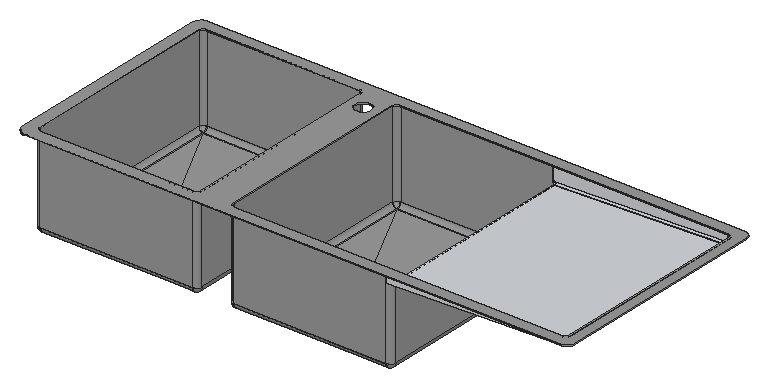
Revit family "Alma-SNA0022R-Theo-RHS-1200-Stainless-Steel", category Plumbing Fixtures, host Face, Revit 2022
Family settings
  Host = Face
  Round Connector Dimension = Use Diameter
  Part Type = Normal
  Cut with Voids When Loaded = No
  Maintain Annotation Orientation = No
  Shared = No
  Room Calculation Point = No
Parameters (values of type "Theo RHS 1200 Stainless Steel")
  Width 2 = 350.0 mm
  Width 1 = 350.0 mm
  Undermount [instance] = 20.0 mm
  URL = "https://www.buildmat.com.au/products/theo-1200x500-double-bowl-tap-landing-with-right-drain-board-sink"
  Sound Pad 2 = yes
  Sound Pad 1 = yes
  Model = "SNA0022R"  # constant formula
  Manufacturer = "BUILDMAT"  # constant formula
  Length = 450.0 mm
  Gap = 70.0 mm
  Drainboard Length = 380.0 mm
  Drain Sound Pad 2 = yes
  Drain Sound Pad 1 = yes
  Description = "Theo 1200x500 Double Bowl with Tap Landing & RHS Drain Board Sink"  # constant formula
  Depth = 205.0 mm
  Default Elevation = 1200.0 mm
  D. S. Pad 2 = 175.0 mm
  D. S. Pad 1 = 200.0 mm
  D. Bracket 4 = 50.0 mm
  D. Bracket 3 = 50.0 mm
  D. Bracket 2 = 50.0 mm
  D. Bracket 1 = 100.0 mm
  Created = "22.12.2023"  # constant formula
  Brand = "Alma"  # constant formula
  Bracket 4 = yes
  Bracket 3 = yes
  Bracket 2 = yes
  Bracket 1 = yes
  Bowl = ALMA Stainless Steel
Reference planes
  plane 1 "Center (Front/Back)": y = 0
  plane 2: z = 0
  plane 3 "Center (Left/Right)": x = 0
  plane 4: x = -35
  plane 5: x = 35
  plane 6: x = -385
  plane 7: x = 385
  plane 8: y = -225
  plane 9: y = 225
  plane 10: x = -410
  plane 11: y = -250
  plane 12: y = 250
  plane 13: x = 210
  plane 14: x = -210
  plane 15: y = 215
  plane 16: y = -215
  plane 17: x = -375
  plane 18: x = -45
  plane 19: x = 45
  plane 20: x = 375
  plane 21: y = 226.5
  plane 22: y = -226.5
  plane 23: x = -386.5
  plane 24: x = -33.5
  plane 25: x = 33.5
  plane 26: x = 386.5
  plane 27: x = -267
  plane 28: x = -153
  plane 29: x = -165
  plane 30: x = -255
  plane 31: x = 153
  plane 32: x = 165
  plane 33: x = 255
  plane 34: x = 267
  plane 35 "Sound Pad 1": x = -185
  plane 36 "Sound Pad 2": x = 210
  plane 37 "Top Substrate": z = -20
  plane 38: z = -18.5
  plane 39 "Bottom Void": z = -225
  plane 40: z = -215
  plane 41: z = -205
  plane 42: z = -220
  plane 43: z = -221.481
  plane 44: z = -216.5
  plane 45 "Sound Pad": z = -125
  plane 46 "Bracket 1": x = -285
  plane 47 "Bracket 2": x = -85
  plane 48 "Bracket 3": x = 85
  plane 49 "Bracket 4": x = 335
  plane 50: y = 125
  plane 51: y = -125
  plane 52: x = -310
  plane 53: x = -110
  plane 54: x = 110
  plane 55: x = 310
  plane 56: z = -185
  plane 57: z = -165
  plane 58 "Drainboard": x = 765
  plane 59: x = 790
  plane 60: x = 766.5
  plane 61: x = 755
  plane 62: z = -35
  plane 63: z = -50
  plane 64: x = 665
  plane 65: y = 180
  plane 66: x = -17.5
  plane 67: x = 17.5
  plane 68: y = 197.5
  plane 69: y = 162.5
Forms (mm)
  Extrusion 1, void
    sketch origin (0, 0, 0) x (1, 0, 0) y (0, 1, 0)
      loop
        arc (-375, 225) -> (-382.071, 222.071) -> (-385, 215) r 10
        line (-385, 215) -> (-385, -215)
        arc (-385, -215) -> (-382.071, -222.071) -> (-375, -225) r 10
        line (-375, -225) -> (755, -225)
        arc (755, -225) -> (762.071, -222.071) -> (765, -215) r 10
        line (765, -215) -> (765, 215)
        arc (765, 215) -> (762.071, 222.071) -> (755, 225) r 10
        line (755, 225) -> (-375, 225)
    from 0 to -18.5
  Extrusion 2, void
    sketch origin (0, 0, 0) x (1, 0, 0) y (0, 1, 0)
      loop
        arc (-390, 250) -> (-404.142, 244.142) -> (-410, 230) r 20
        line (-410, 230) -> (-410, -230)
        arc (-410, -230) -> (-404.142, -244.142) -> (-390, -250) r 20
        line (-390, -250) -> (770, -250)
        arc (770, -250) -> (784.142, -244.142) -> (790, -230) r 20
        line (790, -230) -> (790, 230)
        arc (790, 230) -> (784.142, 244.142) -> (770, 250) r 20
        line (770, 250) -> (-390, 250)
    from -20 to -18.5
  Extrusion 3, void
    sketch origin (0, 0, 0) x (1, 0, 0) y (0, 1, 0)
      loop
        line (-386.5, 226.5) -> (-386.5, -226.5) -> (766.5, -226.5) -> (766.5, 226.5) -> (-386.5, 226.5)
    from -225 to -20
  Extrusion 4, solid, material "ALMA Stainless Steel" <- "Bowl"
    sketch origin (0, 0, -20) x (-1, 0, 0) y (0, -1, 0)
      loop
        arc (390, -250) -> (404.142, -244.142) -> (410, -230) r 20
        line (410, -230) -> (410, 230)
        arc (410, 230) -> (404.142, 244.142) -> (390, 250) r 20
        line (390, 250) -> (-770, 250)
        arc (-770, 250) -> (-784.142, 244.142) -> (-790, 230) r 20
        line (-790, 230) -> (-790, -230)
        arc (-790, -230) -> (-784.142, -244.142) -> (-770, -250) r 20
        line (-770, -250) -> (390, -250)
      loop
        arc (375, -225) -> (382.071, -222.071) -> (385, -215) r 10
        line (385, -215) -> (385, 215)
        arc (385, 215) -> (382.071, 222.071) -> (375, 225) r 10
        line (375, 225) -> (45, 225)
        arc (45, 225) -> (37.929, 222.071) -> (35, 215) r 10
        line (35, 215) -> (35, -215)
        arc (35, -215) -> (37.929, -222.071) -> (45, -225) r 10
        line (45, -225) -> (375, -225)
      loop
        line (-35, -215) -> (-35, 215)
        arc (-35, 215) -> (-37.929, 222.071) -> (-45, 225) r 10
        line (-45, 225) -> (-755, 225)
        arc (-755, 225) -> (-762.071, 222.071) -> (-765, 215) r 10
        line (-765, 215) -> (-765, -215)
        arc (-765, -215) -> (-762.071, -222.071) -> (-755, -225) r 10
        line (-755, -225) -> (-45, -225)
        arc (-45, -225) -> (-37.929, -222.071) -> (-35, -215) r 10
      loop
        circle (0, -180) r 17.5
    from 0 to 1.5
  Extrusion 5, solid, material "ALMA Stainless Steel" <- "Bowl"
    sketch origin (0, 0, -20) x (-1, 0, 0) y (0, -1, 0)
      loop
        arc (375, -225) -> (382.071, -222.071) -> (385, -215) r 10
        line (385, -215) -> (385, 215)
        arc (385, 215) -> (382.071, 222.071) -> (375, 225) r 10
        line (375, 225) -> (45, 225)
        arc (45, 225) -> (37.929, 222.071) -> (35, 215) r 10
        line (35, 215) -> (35, -215)
        arc (35, -215) -> (37.929, -222.071) -> (45, -225) r 10
        line (45, -225) -> (375, -225)
      loop
        arc (375, -226.5) -> (383.132, -223.132) -> (386.5, -215) r 11.5
        line (386.5, -215) -> (386.5, 215)
        arc (386.5, 215) -> (383.132, 223.132) -> (375, 226.5) r 11.5
        line (375, 226.5) -> (45, 226.5)
        arc (45, 226.5) -> (36.868, 223.132) -> (33.5, 215) r 11.5
        line (33.5, 215) -> (33.5, -215)
        arc (33.5, -215) -> (36.868, -223.132) -> (45, -226.5) r 11.5
        line (45, -226.5) -> (375, -226.5)
    from 0 to -185
  Extrusion 6, solid, material "ALMA Stainless Steel" <- "Bowl"
    sketch origin (0, 0, -20) x (-1, 0, 0) y (0, -1, 0)
      loop
        arc (-45, -225) -> (-37.929, -222.071) -> (-35, -215) r 10
        line (-35, -215) -> (-35, 215)
        arc (-35, 215) -> (-37.929, 222.071) -> (-45, 225) r 10
        line (-45, 225) -> (-375, 225)
        arc (-375, 225) -> (-382.071, 222.071) -> (-385, 215) r 10
        line (-385, 215) -> (-385, -215)
        arc (-385, -215) -> (-382.071, -222.071) -> (-375, -225) r 10
        line (-375, -225) -> (-45, -225)
      loop
        line (-33.5, -215) -> (-33.5, 215)
        arc (-33.5, 215) -> (-36.868, 223.132) -> (-45, 226.5) r 11.5
        line (-45, 226.5) -> (-375, 226.5)
        arc (-375, 226.5) -> (-383.132, 223.132) -> (-386.5, 215) r 11.5
        line (-386.5, 215) -> (-386.5, -215)
        arc (-386.5, -215) -> (-383.132, -223.132) -> (-375, -226.5) r 11.5
        line (-375, -226.5) -> (-45, -226.5)
        arc (-45, -226.5) -> (-36.868, -223.132) -> (-33.5, -215) r 11.5
    from 0 to -185
  Extrusion 7, solid, material "ALMA Stainless Steel" <- "Bowl"
    sketch origin (0, 0, 0) x (1, 0, 0) y (0, 0, 1)
      loop
        line (-385, -205) -> (-386.5, -205)
        arc (-386.5, -205) -> (-383.132, -213.132) -> (-375, -216.5) r 11.5
        line (-375, -216.5) -> (-375, -215)
        arc (-375, -215) -> (-382.071, -212.071) -> (-385, -205) r 10
    from -215 to 215
  Extrusion 8, solid, material "ALMA Stainless Steel" <- "Bowl"
    sketch origin (0, 0, 0) x (1, 0, 0) y (0, 0, 1)
      loop
        arc (-35, -205) -> (-37.929, -212.071) -> (-45, -215) r 10
        line (-45, -215) -> (-45, -216.5)
        arc (-45, -216.5) -> (-36.868, -213.132) -> (-33.5, -205) r 11.5
        line (-33.5, -205) -> (-35, -205)
    from -215 to 215
  Extrusion 9, solid, material "ALMA Stainless Steel" <- "Bowl"
    sketch origin (0, 0, 0) x (1, 0, 0) y (0, 0, 1)
      loop
        line (35, -205) -> (33.5, -205)
        arc (33.5, -205) -> (36.868, -213.132) -> (45, -216.5) r 11.5
        line (45, -216.5) -> (45, -215)
        arc (45, -215) -> (37.929, -212.071) -> (35, -205) r 10
    from -215 to 215
  Extrusion 10, solid, material "ALMA Stainless Steel" <- "Bowl"
    sketch origin (0, 0, 0) x (1, 0, 0) y (0, 0, 1)
      loop
        arc (385, -205) -> (382.071, -212.071) -> (375, -215) r 10
        line (375, -215) -> (375, -216.5)
        arc (375, -216.5) -> (383.132, -213.132) -> (386.5, -205) r 11.5
        line (386.5, -205) -> (385, -205)
    from -215 to 215
  Extrusion 11, solid, material "ALMA Stainless Steel" <- "Bowl"
    sketch origin (0, 0, 0) x (0, 1, 0) y (0, 0, 1)
      loop
        line (226.5, -205) -> (225, -205)
        arc (225, -205) -> (222.071, -212.071) -> (215, -215) r 10
        line (215, -215) -> (215, -216.5)
        arc (215, -216.5) -> (223.132, -213.132) -> (226.5, -205) r 11.5
    from 45 to 375
  Extrusion 12, solid, material "ALMA Stainless Steel" <- "Bowl"
    sketch origin (0, 0, 0) x (0, 1, 0) y (0, 0, 1)
      loop
        line (-225, -205) -> (-226.5, -205)
        arc (-226.5, -205) -> (-223.132, -213.132) -> (-215, -216.5) r 11.5
        line (-215, -216.5) -> (-215, -215)
        arc (-215, -215) -> (-222.071, -212.071) -> (-225, -205) r 10
    from 45 to 375
  Extrusion 13, solid, material "ALMA Stainless Steel" <- "Bowl"
    sketch origin (0, 0, 0) x (0, 1, 0) y (0, 0, 1)
      loop
        arc (225, -205) -> (222.071, -212.071) -> (215, -215) r 10
        line (215, -215) -> (215, -216.5)
        arc (215, -216.5) -> (223.132, -213.132) -> (226.5, -205) r 11.5
        line (226.5, -205) -> (225, -205)
    from -375 to -45
  Extrusion 14, solid, material "ALMA Stainless Steel" <- "Bowl"
    sketch origin (0, 0, 0) x (0, 1, 0) y (0, 0, 1)
      loop
        line (-225, -205) -> (-226.5, -205)
        arc (-226.5, -205) -> (-223.132, -213.132) -> (-215, -216.5) r 11.5
        line (-215, -216.5) -> (-215, -215)
        arc (-215, -215) -> (-222.071, -212.071) -> (-225, -205) r 10
    from -375 to -45
  Revolve 15, solid, material "ALMA Stainless Steel" <- "Bowl"
    sketch origin (-423.435, 215, 4000) x (-1, 0, 0) y (0, 0, 1)
      loop
        arc (-38.435, -4205) -> (-41.364, -4212.071) -> (-48.435, -4215) r 10
        line (-48.435, -4215) -> (-48.435, -4216.5)
        arc (-48.435, -4216.5) -> (-40.304, -4213.132) -> (-36.935, -4205) r 11.5
        line (-36.935, -4205) -> (-38.435, -4205)
      axis (-48.435, -4205) -> (-48.435, -4216.5)
    angle from -90 to 0
  Revolve 16, solid, material "ALMA Stainless Steel" <- "Bowl"
    sketch origin (-423.435, 215, 4000) x (-1, 0, 0) y (0, 0, 1)
      loop
        line (-388.435, -4205) -> (-389.935, -4205)
        arc (-389.935, -4205) -> (-386.567, -4213.132) -> (-378.435, -4216.5) r 11.5
        line (-378.435, -4216.5) -> (-378.435, -4215)
        arc (-378.435, -4215) -> (-385.506, -4212.071) -> (-388.435, -4205) r 10
      axis (-378.435, -4205) -> (-378.435, -4216.5)
    angle from -90 to 0
  Revolve 17, solid, material "ALMA Stainless Steel" <- "Bowl"
    sketch origin (-423.435, 215, 4000) x (-1, 0, 0) y (0, 0, 1)
      loop
        arc (-458.435, -4205) -> (-461.364, -4212.071) -> (-468.435, -4215) r 10
        line (-468.435, -4215) -> (-468.435, -4216.5)
        arc (-468.435, -4216.5) -> (-460.304, -4213.132) -> (-456.935, -4205) r 11.5
        line (-456.935, -4205) -> (-458.435, -4205)
      axis (-468.435, -4205) -> (-468.435, -4216.5)
    angle from -90 to 0
  Revolve 18, solid, material "ALMA Stainless Steel" <- "Bowl"
    sketch origin (-423.435, 215, 4000) x (-1, 0, 0) y (0, 0, 1)
      loop
        line (-808.435, -4205) -> (-809.935, -4205)
        arc (-809.935, -4205) -> (-806.567, -4213.132) -> (-798.435, -4216.5) r 11.5
        line (-798.435, -4216.5) -> (-798.435, -4215)
        arc (-798.435, -4215) -> (-805.506, -4212.071) -> (-808.435, -4205) r 10
      axis (-798.435, -4205) -> (-798.435, -4216.5)
    angle from -90 to 0
  Revolve 19, solid, material "ALMA Stainless Steel" <- "Bowl"
    sketch origin (-423.435, -215, 4000) x (-1, 0, 0) y (0, 0, 1)
      loop
        arc (-38.435, -4205) -> (-41.364, -4212.071) -> (-48.435, -4215) r 10
        line (-48.435, -4215) -> (-48.435, -4216.5)
        arc (-48.435, -4216.5) -> (-40.304, -4213.132) -> (-36.935, -4205) r 11.5
        line (-36.935, -4205) -> (-38.435, -4205)
      axis (-48.435, -4205) -> (-48.435, -4216.5)
    angle from 0 to 90
  Revolve 20, solid, material "ALMA Stainless Steel" <- "Bowl"
    sketch origin (-423.435, -215, 4000) x (-1, 0, 0) y (0, 0, 1)
      loop
        arc (-389.935, -4205) -> (-386.567, -4213.132) -> (-378.435, -4216.5) r 11.5
        line (-378.435, -4216.5) -> (-378.435, -4215)
        arc (-378.435, -4215) -> (-385.506, -4212.071) -> (-388.435, -4205) r 10
        line (-388.435, -4205) -> (-389.935, -4205)
      axis (-378.435, -4205) -> (-378.435, -4216.5)
    angle from 0 to 90
  Revolve 21, solid, material "ALMA Stainless Steel" <- "Bowl"
    sketch origin (-423.435, -215, 4000) x (-1, 0, 0) y (0, 0, 1)
      loop
        line (-456.935, -4205) -> (-458.435, -4205)
        arc (-458.435, -4205) -> (-461.364, -4212.071) -> (-468.435, -4215) r 10
        line (-468.435, -4215) -> (-468.435, -4216.5)
        arc (-468.435, -4216.5) -> (-460.304, -4213.132) -> (-456.935, -4205) r 11.5
      axis (-468.435, -4205) -> (-468.435, -4216.5)
    angle from 0 to 90
  Revolve 22, solid, material "ALMA Stainless Steel" <- "Bowl"
    sketch origin (-423.435, -215, 4000) x (-1, 0, 0) y (0, 0, 1)
      loop
        arc (-809.935, -4205) -> (-806.567, -4213.132) -> (-798.435, -4216.5) r 11.5
        line (-798.435, -4216.5) -> (-798.435, -4215)
        arc (-798.435, -4215) -> (-805.506, -4212.071) -> (-808.435, -4205) r 10
        line (-808.435, -4205) -> (-809.935, -4205)
      axis (-798.435, -4205) -> (-798.435, -4216.5)
    angle from 0 to 90
  Extrusion 23, solid, material "ALMA Stainless Steel" <- "Bowl"
    sketch origin (0, 0, -20) x (-1, 0, 0) y (0, -1, 0)
      loop
        line (45, -215) -> (375, -215) -> (375, 215) -> (45, 215) -> (45, -215)
    from -196.5 to -195
  Extrusion 24, solid, material "ALMA Stainless Steel" <- "Bowl"
    sketch origin (0, 0, -20) x (-1, 0, 0) y (0, -1, 0)
      loop
        line (-45, -215) -> (-45, 215) -> (-375, 215) -> (-375, -215) -> (-45, -215)
    from -196.5 to -195
  Blend 25, solid, material "ALMA Stainless Steel" <- "Bowl"
    base sketch origin (0, 0, -20) x (-1, 0, 0) y (0, -1, 0)
      loop
        circle (210, 0) r 57
    top sketch origin (0, 0, -20) x (-1, 0, 0) y (0, -1, 0)
      loop
        line (375, -215) -> (375, 215) -> (45, 215) -> (45, -215) -> (375, -215)
    from -201.481 to -196.5
  Blend 26, solid, material "ALMA Stainless Steel" <- "Bowl"
    base sketch origin (0, 0, -20) x (-1, 0, 0) y (0, -1, 0)
      loop
        circle (-210, 0) r 57
    top sketch origin (0, 0, -20) x (-1, 0, 0) y (0, -1, 0)
      loop
        line (-45, -215) -> (-45, 215) -> (-375, 215) -> (-375, -215) -> (-45, -215)
    from -201.481 to -196.5
  Blend 27, void
    base sketch origin (0, 0, -20) x (-1, 0, 0) y (0, -1, 0)
      loop
        circle (210, 0) r 57
    top sketch origin (0, 0, -20) x (-1, 0, 0) y (0, -1, 0)
      loop
        line (375, -215) -> (375, 215) -> (45, 215) -> (45, -215) -> (375, -215)
    from -200 to -195
  Blend 28, void
    base sketch origin (0, 0, -20) x (-1, 0, 0) y (0, -1, 0)
      loop
        circle (-210, 0) r 57
    top sketch origin (0, 0, -20) x (-1, 0, 0) y (0, -1, 0)
      loop
        line (-45, -215) -> (-45, 215) -> (-375, 215) -> (-375, -215) -> (-45, -215)
    from -200 to -195
  Extrusion 29, void
    sketch origin (0, 0, -225) x (-1, 0, 0) y (0, -1, 0)
      loop
        circle (210, 0) r 57
    from 0 to 5
  Extrusion 30, void
    sketch origin (0, 0, -225) x (-1, 0, 0) y (0, -1, 0)
      loop
        circle (-210, 0) r 57
    from 0 to 5
  Revolve 31, solid, material "ALMA Stainless Steel" <- "Bowl"
    sketch origin (0, 0, 0) x (1, 0, 0) y (0, 0, 1)
      loop
        spline (-267, -220) -> (-266.897, -220.653) -> (-266.591, -221.294) -> (-266.087, -221.913) -> (-265.392, -222.5) -> (-264.52, -223.044) -> (-263.485, -223.536) -> (-262.305, -223.967) -> (-261, -224.33) -> (-259.592, -224.619) -> (-258.106, -224.83) -> (-256.566, -224.957) -> (-255, -225)
        line (-255, -225) -> (-255, -223.5)
        spline (-255, -223.5) -> (-256.371, -223.47) -> (-257.718, -223.381) -> (-259.018, -223.234) -> (-260.25, -223.031) -> (-261.392, -222.777) -> (-262.425, -222.475) -> (-263.33, -222.131) -> (-264.093, -221.75) -> (-264.701, -221.339) -> (-265.142, -220.906) -> (-265.41, -220.457) -> (-265.5, -220)
        line (-265.5, -220) -> (-267, -220)
      axis (-210, -225) -> (-210, -220)
    angle from 0 to 360
  Revolve 32, solid, material "ALMA Stainless Steel" <- "Bowl"
    sketch origin (0, 0, 0) x (1, 0, 0) y (0, 0, 1)
      loop
        line (267, -220) -> (265.5, -220)
        spline (265.5, -220) -> (265.41, -220.457) -> (265.142, -220.906) -> (264.701, -221.339) -> (264.093, -221.75) -> (263.33, -222.131) -> (262.425, -222.475) -> (261.392, -222.777) -> (260.25, -223.031) -> (259.018, -223.234) -> (257.718, -223.381) -> (256.371, -223.47) -> (255, -223.5)
        line (255, -223.5) -> (255, -225)
        spline (255, -225) -> (256.566, -224.957) -> (258.106, -224.83) -> (259.592, -224.619) -> (261, -224.33) -> (262.305, -223.967) -> (263.485, -223.536) -> (264.52, -223.044) -> (265.392, -222.5) -> (266.087, -221.913) -> (266.591, -221.294) -> (266.897, -220.653) -> (267, -220)
      axis (210, -220) -> (210, -225)
    angle from 0 to 360
  Extrusion 33, solid
    sketch origin (0, 0, 0) x (1, 0, 0) y (0, 0, 1)
      loop
        line (375, -50) -> (766.5, -35) -> (766.5, -20) -> (765, -20) -> (765, -33.561) -> (375, -48.499) -> (375, -50)
    from -215 to 215
  Revolve 34, solid
    sketch origin (-423.435, 215, 4000) x (-1, 0, 0) y (0, 0, 1)
      loop
        line (-1189.935, -4035) -> (-1178.435, -4035.441) -> (-1178.435, -4033.944) -> (-1188.435, -4033.561) -> (-1188.435, -4020) -> (-1189.935, -4020) -> (-1189.935, -4035)
      axis (-1178.435, -4035.441) -> (-1178.435, -4020)
    angle from -90 to 0
  Revolve 35, solid
    sketch origin (-423.435, -215, 4000) x (-1, 0, 0) y (0, 0, 1)
      loop
        line (-1189.935, -4035) -> (-1178.435, -4035.441) -> (-1178.435, -4033.944) -> (-1188.435, -4033.561) -> (-1188.435, -4020) -> (-1189.935, -4020) -> (-1189.935, -4035)
      axis (-1178.435, -4035.441) -> (-1178.435, -4020)
    angle from 0 to 90
  SweptBlend 36, solid
    path origin (0, 0, -20) x (-1, 0, 0) y (0, -1, 0)
      loop
        line (-375, -225) -> (-755, -225)
    profile origin (375, 225, -20) x (0, 1, 0) y (0, 0, 1)
      loop
        line (0, -28.084) -> (-10, -28.499) -> (-10, -30) -> (1.5, -29.523) -> (1.5, 0) -> (0, 0) -> (0, -28.084)
    end profile origin (755, 225, -20) x (0, 1, 0) y (0, 0, 1)
      loop
        line (0, -13.561) -> (-10, -13.976) -> (-10, -15.477) -> (1.5, -15) -> (1.5, 0) -> (0, 0) -> (0, -13.561)
  Extrusion 37, void
    sketch origin (0, 0, -20) x (-1, 0, 0) y (0, -1, 0)
      loop
        arc (-385, -215) -> (-382.071, -222.071) -> (-375, -225) r 10
        line (-375, -225) -> (-375, 225)
        arc (-375, 225) -> (-382.071, 222.071) -> (-385, 215) r 10
        line (-385, 215) -> (-385, -215)
    from -30 to 0
  SweptBlend 38, solid
    path origin (0, 0, -20) x (-1, 0, 0) y (0, -1, 0)
      loop
        line (-375, 215) -> (-755, 215)
    profile origin (375, -215, -20) x (0, 1, 0) y (0, 0, 1)
      loop
        line (-11.5, -29.523) -> (0, -30) -> (0, -28.499) -> (-10, -28.084) -> (-10, 0) -> (-11.5, 0) -> (-11.5, -29.523)
    end profile origin (755, -215, -20) x (0, 1, 0) y (0, 0, 1)
      loop
        line (0, -15.477) -> (0, -13.976) -> (-10, -13.561) -> (-10, 0) -> (-11.5, 0) -> (-11.5, -15) -> (0, -15.477)
  SweptBlend 39, void
    path origin (0, 0, -20) x (-1, 0, 0) y (0, -1, 0)
      loop
        line (-375, 0) -> (-755, 0)
    profile origin (375, 0, -20) x (0, 1, 0) y (0, 0, 1)
      loop
        line (-215, -30) -> (215, -30) -> (226.5, -29.523) -> (226.5, 0) -> (-226.5, 0) -> (-226.5, -29.523) -> (-215, -30)
    end profile origin (755, 0, -20) x (0, 1, 0) y (0, 0, 1)
      loop
        line (226.5, 0) -> (-226.5, 0) -> (-226.5, -15) -> (226.5, -15) -> (226.5, 0)
Cuts and joins
  Blend 27, Extrusion 29 cuts Extrusion 23
  Blend 27, Extrusion 29 cuts Blend 25
  joined: Extrusion 23, Blend 25
  Blend 28, Extrusion 30 cuts Extrusion 24
  Blend 28, Extrusion 30 cuts Blend 26
  joined: Extrusion 24, Blend 26
  Extrusion 37 cuts Extrusion 33
  Extrusion 37 cuts SweptBlend 36
  Extrusion 37 cuts SweptBlend 38
  SweptBlend 39 cuts Extrusion 4
  SweptBlend 39 cuts Extrusion 6
  SweptBlend 39 cuts Revolve 34
  SweptBlend 39 cuts Revolve 35
Lines and regions (mm)
  Masking region 1
    outline origin (0, 0, 0) x (1, 0, 0) y (0, 0, 1)
      loop
        line (-385, -20) -> (-385, -205)
        arc (-385, -205) -> (-382.071, -212.071) -> (-375, -215) r 10
        line (-375, -215) -> (-267, -220) -> (-153, -220) -> (-45, -215)
        arc (-45, -215) -> (-37.929, -212.071) -> (-35, -205) r 10
        line (-35, -205) -> (-35, -20) -> (-385, -20)
  Masking region 2
    outline origin (0, 0, 0) x (1, 0, 0) y (0, 0, 1)
      loop
        line (35, -20) -> (35, -205)
        arc (35, -205) -> (37.609, -211.736) -> (44.076, -214.957) r 10
        line (44.076, -214.957) -> (153, -220) -> (267, -220) -> (375, -215)
        arc (375, -215) -> (382.071, -212.071) -> (385, -205) r 10
        line (385, -205) -> (385, -20) -> (35, -20)
  Masking region 3, visible <- "Drain Sound Pad 1"
    outline origin (0, 0, 0) x (1, 0, 0) y (0, 0, 1)
      loop
        line (-267, -221.481) -> (-310, -219.498) -> (-310, -225) -> (-267, -225) -> (-267, -221.481)
  Masking region 4, visible <- "Drain Sound Pad 1"
    outline origin (0, 0, 0) x (1, 0, 0) y (0, 0, 1)
      loop
        line (-153, -221.481) -> (-153, -225) -> (-110, -225) -> (-110, -219.498) -> (-153, -221.481)
  Masking region 5, visible <- "Drain Sound Pad 2"
    outline origin (0, 0, 0) x (1, 0, 0) y (0, 0, 1)
      loop
        line (110, -219.498) -> (110, -225) -> (153, -225) -> (153, -221.481) -> (110, -219.498)
  Masking region 6, visible <- "Drain Sound Pad 2"
    outline origin (0, 0, 0) x (1, 0, 0) y (0, 0, 1)
      loop
        line (310, -219.498) -> (267, -221.481) -> (267, -225) -> (310, -225) -> (310, -219.498)
  Masking region 7
    outline origin (0, 0, 0) x (1, 0, 0) y (0, 0, 1)
      loop
        line (-33.5, -165) -> (-33.5, -185) -> (33.5, -185) -> (33.5, -165) -> (-33.5, -165)
  Masking region 8
    outline origin (-423.435, -215, 4000) x (-1, 0, 0) y (0, 0, 1)
      loop
        line (-1200.935, -4020) -> (-1202.435, -4020) -> (-1202.435, -4035) -> (-1200.935, -4035) -> (-1200.935, -4020)
  Masking region 9
    outline origin (-423.435, -215, 4000) x (-1, 0, 0) y (0, 0, 1)
      loop
        line (-809.935, -4097.929) -> (-809.935, -4055.503) -> (-816.174, -4049.264) -> (-860.437, -4047.427) -> (-809.935, -4097.929)
  Masking region 10
    outline origin (0, 0, -20) x (-1, 0, 0) y (0, -1, 0)
      loop
        arc (-375, -225) -> (-382.071, -222.071) -> (-385, -215) r 10
        line (-385, -215) -> (-385, 215)
        arc (-385, 215) -> (-382.071, 222.071) -> (-375, 225) r 10
        line (-375, 225) -> (-755, 225)
        arc (-755, 225) -> (-762.071, 222.071) -> (-765, 215) r 10
        line (-765, 215) -> (-765, -215)
        arc (-765, -215) -> (-762.071, -222.071) -> (-755, -225) r 10
        line (-755, -225) -> (-375, -225)
Text (mm)
  text "Refer to www.buildmat.com.au for the most current product literature. \nAllow a +/- 5mm tolerance for dimensions shown in the product literature. \nPlease note product details are subject to change due to ongoing product development." at (0.056, -1035.857, 0), in view "Ref. Level"
Dimensions and locks
  equal spacing: plane 4, plane 3 "Center (Left/Right)", plane 5
  "Gap": plane 4 to plane 5
  "Width 1": plane 6 to plane 4
  "Width 2": plane 5 to plane 7
  equal spacing: plane 9, plane 1 "Center (Front/Back)", plane 8
  "Length": plane 8 to plane 9
  locked: plane 10 to plane 6 at 25
  locked: plane 12 to plane 9 at 25
  locked: plane 8 to plane 11 at 25
  equal spacing: plane 5, plane 13, plane 7
  equal spacing: plane 6, plane 14, plane 4
  locked: plane 9 to plane 15 at 10
  locked: plane 16 to plane 8 at 10
  locked: plane 6 to plane 17 at 10
  locked: plane 18 to plane 4 at 10
  locked: plane 5 to plane 19 at 10
  locked: plane 20 to plane 7 at 10
  locked: plane 8 to plane 22 at 1.5
  locked: plane 21 to plane 9 at 1.5
  locked: plane 23 to plane 6 at 1.5
  locked: plane 4 to plane 24 at 1.5
  locked: plane 25 to plane 5 at 1.5
  locked: plane 7 to plane 26 at 1.5
  plane 27 to plane 14 to plane 28 = 57.0 mm locked, 57.0 mm locked
  plane 30 to plane 14 to plane 29 = 45.0 mm locked, 45.0 mm locked
  plane 31 to plane 13 to plane 34 = 57.0 mm locked, 57.0 mm locked
  plane 32 to plane 13 to plane 33 = 45.0 mm locked, 45.0 mm locked
  locked: plane 38 to plane 37 "Top Substrate" at 1.5
  plane 41 to plane 40 to plane 39 "Bottom Void" = 10.0 mm locked, 10.0 mm locked
  locked: plane 42 to plane 39 "Bottom Void" at 5
  locked: plane 42 to plane 43 at 1.481
  locked: plane 40 to plane 44 at 1.5
  locked: plane 45 "Sound Pad" to plane 39 "Bottom Void" at 100
  "Depth": plane 37 "Top Substrate" to plane 39 "Bottom Void"
  "Undermount": plane 2 to plane 37 "Top Substrate"
  "D. S. Pad 1": plane 35 "Sound Pad 1" to plane 6
  "D. S. Pad 2": plane 7 to plane 36 "Sound Pad 2"
  "D. Bracket 1": plane 46 "Bracket 1" to plane 6
  "D. Bracket 2": plane 4 to plane 47 "Bracket 2"
  "D. Bracket 3": plane 48 "Bracket 3" to plane 5
  "D. Bracket 4": plane 7 to plane 49 "Bracket 4"
  locked: plane 9 to plane 50 at 100
  locked: plane 51 to plane 8 at 100
  plane 53 to plane 14 to plane 52 = 100.0 mm locked, 100.0 mm locked
  plane 55 to plane 13 to plane 54 = 100.0 mm locked, 100.0 mm locked
  plane 57 to plane 56 to plane 41 = 20.0 mm locked, 20.0 mm locked
  "Drainboard Length": plane 7 to plane 58 "Drainboard"
  locked: plane 58 "Drainboard" to plane 59 at 25
  locked: plane 58 "Drainboard" to plane 60 at 1.5
  locked: plane 61 to plane 58 "Drainboard" at 10
  plane 37 "Top Substrate" to plane 62 to plane 63 = 15.0 mm locked, 15.0 mm locked
  locked: plane 64 to plane 58 "Drainboard" at 100
  plane 12 to plane 65 = 70.0 mm
  equal spacing: plane 68, plane 65, plane 69
  plane 68 to plane 69 = 35.0 mm
  equal spacing: plane 66, plane 3 "Center (Left/Right)", plane 67
  plane 66 to plane 67 = 35.0 mm
  aligned and locked: plane 2 to host face
  aligned and locked: level to host face
  aligned and locked: Extrusion 1 sketch curve to plane 9
  aligned and locked: Extrusion 1 sketch curve to plane 6
  aligned and locked: Extrusion 1 sketch curve to plane 8
  aligned and locked: Extrusion 1 to level
  aligned and locked: Extrusion 1 to plane 38
  aligned and locked: Extrusion 2 sketch curve to plane 12
  aligned and locked: Extrusion 2 sketch curve to plane 10
  aligned and locked: Extrusion 2 sketch curve to plane 11
  aligned and locked: Extrusion 2 to plane 37 "Top Substrate"
  aligned and locked: Extrusion 2 to plane 38
  aligned and locked: Extrusion 3 sketch curve to plane 21
  aligned and locked: Extrusion 3 sketch curve to plane 23
  aligned and locked: Extrusion 3 sketch curve to plane 22
  aligned and locked: Extrusion 3 to plane 39 "Bottom Void"
  aligned and locked: Extrusion 3 to plane 37 "Top Substrate"
  aligned and locked: Extrusion 4 sketch curve to plane 12
  aligned and locked: Extrusion 4 sketch curve to plane 10
  aligned and locked: Extrusion 4 sketch curve to plane 11
  aligned and locked: Extrusion 4 sketch curve to plane 9  (x2)
  aligned and locked: Extrusion 4 sketch curve to plane 6
  aligned and locked: Extrusion 4 sketch curve to plane 8  (x2)
  aligned and locked: Extrusion 4 sketch curve to plane 4
  aligned and locked: Extrusion 4 sketch curve to plane 5
  aligned and locked: Extrusion 4 to plane 37 "Top Substrate"
  aligned and locked: Extrusion 4 to plane 38
  aligned and locked: Extrusion 5 sketch curve to plane 9
  aligned and locked: Extrusion 5 sketch curve to plane 21
  aligned and locked: Extrusion 5 sketch curve to plane 6
  aligned and locked: Extrusion 5 sketch curve to plane 23
  aligned and locked: Extrusion 5 sketch curve to plane 24
  aligned and locked: Extrusion 5 sketch curve to plane 4
  aligned and locked: Extrusion 5 sketch curve to plane 22
  aligned and locked: Extrusion 5 sketch curve to plane 8
  aligned and locked: Extrusion 5 to plane 41
  aligned and locked: plane 37 "Top Substrate" to Extrusion 5
  aligned and locked: Extrusion 6 sketch curve to plane 9
  aligned and locked: Extrusion 6 sketch curve to plane 7
  aligned and locked: Extrusion 6 sketch curve to plane 8
  aligned and locked: Extrusion 6 sketch curve to plane 5
  aligned and locked: Extrusion 6 sketch curve to plane 25
  aligned and locked: Extrusion 6 sketch curve to plane 26
  aligned and locked: Extrusion 6 sketch curve to plane 21
  aligned and locked: Extrusion 6 sketch curve to plane 22
  aligned and locked: Extrusion 6 to plane 41
  aligned and locked: plane 37 "Top Substrate" to Extrusion 6
  aligned and locked: Extrusion 7 sketch curve to plane 41
  aligned and locked: Extrusion 7 sketch curve to plane 17
  aligned and locked: Extrusion 8 sketch curve to plane 41
  aligned and locked: Extrusion 8 sketch curve to plane 18
  aligned and locked: Extrusion 9 sketch curve to plane 41
  aligned and locked: Extrusion 9 sketch curve to plane 19
  aligned and locked: Extrusion 10 sketch curve to plane 20
  aligned and locked: plane 41 to Extrusion 10 sketch curve
  aligned and locked: plane 15 to Extrusion 10
  aligned and locked: plane 15 to Extrusion 9
  aligned and locked: plane 15 to Extrusion 8
  aligned and locked: plane 15 to Extrusion 7
  aligned and locked: Extrusion 10 to plane 16
  aligned and locked: Extrusion 9 to plane 16
  aligned and locked: Extrusion 8 to plane 16
  aligned and locked: Extrusion 7 to plane 16
  aligned and locked: plane 41 to Extrusion 11 sketch curve
  aligned and locked: plane 15 to Extrusion 11 sketch curve
  aligned and locked: plane 16 to Extrusion 12 sketch curve
  aligned and locked: plane 41 to Extrusion 12 sketch curve
  aligned and locked: plane 20 to Extrusion 11
  aligned and locked: plane 20 to Extrusion 12
  aligned and locked: Extrusion 11 to plane 19
  aligned and locked: Extrusion 12 to plane 19
  aligned and locked: plane 15 to Extrusion 13 sketch curve
  aligned and locked: plane 41 to Extrusion 13 sketch curve
  aligned and locked: plane 16 to Extrusion 14 sketch curve
  aligned and locked: plane 41 to Extrusion 14 sketch curve
  aligned and locked: Extrusion 14 to plane 17
  aligned and locked: plane 18 to Extrusion 14
  aligned and locked: Extrusion 13 to plane 17
  aligned and locked: plane 18 to Extrusion 13
  aligned and locked: Revolve 15 sketch curve to plane 17
  aligned and locked: plane 41 to Revolve 15 sketch curve
  aligned and locked: plane 17 to Revolve 15 sketch curve
  aligned and locked: plane 17 to Revolve 15
  aligned and locked: plane 15 to Revolve 15
  aligned and locked: Revolve 16 sketch curve to plane 18
  aligned and locked: plane 18 to Revolve 16 sketch curve
  aligned and locked: plane 41 to Revolve 16 sketch curve
  aligned and locked: Revolve 16 to plane 18
  aligned and locked: plane 15 to Revolve 16
  aligned and locked: Revolve 17 sketch curve to plane 19
  aligned and locked: plane 41 to Revolve 17 sketch curve
  aligned and locked: plane 19 to Revolve 17 sketch curve
  aligned and locked: plane 19 to Revolve 17
  aligned and locked: plane 15 to Revolve 17
  aligned and locked: Revolve 18 sketch curve to plane 20
  aligned and locked: plane 20 to Revolve 18 sketch curve
  aligned and locked: plane 41 to Revolve 18 sketch curve
  aligned and locked: Revolve 18 to plane 20
  aligned and locked: plane 15 to Revolve 18
  aligned and locked: Revolve 19 sketch curve to plane 17
  aligned and locked: plane 41 to Revolve 19 sketch curve
  aligned and locked: plane 17 to Revolve 19 sketch curve
  aligned and locked: Revolve 19 to plane 17
  aligned and locked: plane 16 to Revolve 19
  aligned and locked: Revolve 20 sketch curve to plane 18
  aligned and locked: plane 41 to Revolve 20 sketch curve
  aligned and locked: plane 18 to Revolve 20 sketch curve
  aligned and locked: plane 18 to Revolve 20
  aligned and locked: plane 16 to Revolve 20
  aligned and locked: Revolve 21 sketch curve to plane 19
  aligned and locked: plane 41 to Revolve 21 sketch curve
  aligned and locked: plane 19 to Revolve 21 sketch curve
  aligned and locked: Revolve 21 to plane 19
  aligned and locked: plane 16 to Revolve 21
  aligned and locked: Revolve 22 sketch curve to plane 20
  aligned and locked: plane 41 to Revolve 22 sketch curve
  aligned and locked: plane 20 to Revolve 22 sketch curve
  aligned and locked: plane 16 to Revolve 22
  aligned and locked: plane 20 to Revolve 22
  aligned and locked: Extrusion 23 sketch curve to plane 18
  aligned and locked: Extrusion 23 sketch curve to plane 17
  aligned and locked: Extrusion 23 sketch curve to plane 15
  aligned and locked: Extrusion 23 sketch curve to plane 16
  aligned and locked: Extrusion 23 to plane 44
  aligned and locked: plane 40 to Extrusion 23
  aligned and locked: Extrusion 24 sketch curve to plane 15
  aligned and locked: Extrusion 24 sketch curve to plane 16
  aligned and locked: Extrusion 24 sketch curve to plane 20
  aligned and locked: Extrusion 24 sketch curve to plane 19
  aligned and locked: Extrusion 24 to plane 44
  aligned and locked: Extrusion 24 to plane 40
  aligned and locked: plane 43 to Blend 25
  aligned and locked: plane 44 to Blend 25
  aligned and locked: plane 43 to Blend 26
  aligned and locked: Blend 26 to plane 44
  aligned and locked: Blend 25 sketch curve to plane 15
  aligned and locked: Blend 25 sketch curve to plane 16
  aligned and locked: Blend 25 sketch curve to plane 17
  aligned and locked: Blend 25 sketch curve to plane 18
  aligned and locked: Blend 26 sketch curve to plane 15
  aligned and locked: Blend 26 sketch curve to plane 16
  aligned and locked: Blend 26 sketch curve to plane 20
  aligned and locked: Blend 26 sketch curve to plane 19
  aligned and locked: Blend 27 sketch curve to plane 15
  aligned and locked: Blend 27 sketch curve to plane 16
  aligned and locked: Blend 27 sketch curve to plane 17
  aligned and locked: Blend 27 sketch curve to plane 18
  aligned and locked: Blend 27 to plane 42
  aligned and locked: plane 40 to Blend 27
  aligned and locked: Blend 28 sketch curve to plane 15
  aligned and locked: Blend 28 sketch curve to plane 16
  aligned and locked: Blend 28 sketch curve to plane 20
  aligned and locked: Blend 28 sketch curve to plane 19
  aligned and locked: Blend 28 to plane 42
  aligned and locked: Blend 28 to plane 40
  aligned and locked: Extrusion 29 to plane 39 "Bottom Void"
  aligned and locked: plane 42 to Extrusion 29
  aligned and locked: Extrusion 30 to plane 39 "Bottom Void"
  aligned and locked: plane 42 to Extrusion 30
  aligned and locked: plane 14 to Revolve 31 sketch curve
  aligned and locked: Revolve 31 sketch curve to plane 42
  aligned and locked: plane 30 to Revolve 31 sketch curve
  aligned and locked: Revolve 32 sketch curve to plane 13
  aligned and locked: plane 33 to Revolve 32 sketch curve
  aligned and locked: plane 42 to Revolve 32 sketch curve
  aligned and locked: plane 17 to nested 1
  aligned and locked: plane 18 to nested 1
  aligned and locked: plane 16 to nested 1
  aligned and locked: plane 15 to nested 1
  aligned and locked: plane 19 to nested 2
  aligned and locked: plane 20 to nested 2
  aligned and locked: plane 16 to nested 2
  aligned and locked: plane 13 to nested 4
  aligned and locked: plane 14 to nested 3
  aligned and locked: plane 1 "Center (Front/Back)" to nested 3
  aligned and locked: plane 1 "Center (Front/Back)" to nested 4
  aligned and locked: plane 50 to nested 5
  aligned and locked: plane 23 to nested 5
  aligned and locked: plane 51 to nested 6
  aligned and locked: plane 23 to nested 6
  aligned and locked: nested 11 to plane 46 "Bracket 1"
  aligned and locked: nested 12 to plane 47 "Bracket 2"
  aligned and locked: plane 22 to nested 11
  aligned and locked: plane 22 to nested 12
  aligned and locked: nested 13 to plane 48 "Bracket 3"
  aligned and locked: plane 22 to nested 13
  aligned and locked: nested 14 to plane 49 "Bracket 4"
  aligned and locked: plane 22 to nested 14
  aligned and locked: plane 46 "Bracket 1" to nested 7
  aligned and locked: nested 7 to plane 21
  aligned and locked: plane 47 "Bracket 2" to nested 8
  aligned and locked: nested 8 to plane 21
  aligned and locked: plane 48 "Bracket 3" to nested 9
  aligned and locked: plane 49 "Bracket 4" to nested 10
  aligned and locked: nested 10 to plane 21
  aligned and locked: nested 9 to plane 21
  aligned and locked: Masking region 1 sketch curve to plane 37 "Top Substrate"
  aligned and locked: Masking region 1 sketch curve to plane 6
  aligned and locked: Masking region 1 sketch curve to plane 4
  aligned and locked: Masking region 1 sketch curve to Extrusion 7
  aligned and locked: Masking region 1 sketch curve to Extrusion 8
  aligned and locked: Masking region 1 sketch curve to plane 42
  aligned and locked: Masking region 1 sketch curve to cut or joined group of Extrusion 23, Blend 25, Blend 27, Extrusion 29  (x2)
  aligned and locked: Masking region 2 sketch curve to plane 37 "Top Substrate"
  aligned and locked: Masking region 2 sketch curve to plane 42
  aligned and locked: Masking region 2 sketch curve to plane 7
  aligned and locked: Masking region 2 sketch curve to plane 5
  aligned and locked: Masking region 2 sketch curve to Extrusion 9
  aligned and locked: Masking region 2 sketch curve to cut or joined group of Extrusion 24, Blend 26, Blend 28, Extrusion 30  (x2)
  aligned and locked: Masking region 2 sketch curve to Extrusion 10
  aligned and locked: nested 15 to plane 37 "Top Substrate"
  aligned and locked: plane 46 "Bracket 1" to nested 15
  aligned and locked: nested 16 to plane 37 "Top Substrate"
  aligned and locked: plane 47 "Bracket 2" to nested 16
  aligned and locked: nested 18 to plane 37 "Top Substrate"
  aligned and locked: plane 49 "Bracket 4" to nested 18
  aligned and locked: nested 17 to plane 37 "Top Substrate"
  aligned and locked: plane 48 "Bracket 3" to nested 17
  aligned and locked: nested 19 to plane 45 "Sound Pad"
  aligned and locked: plane 35 "Sound Pad 1" to nested 19
  aligned and locked: nested 20 to plane 45 "Sound Pad"
  aligned and locked: plane 36 "Sound Pad 2" to nested 20
  aligned and locked: Masking region 3 sketch curve to plane 27
  aligned and locked: cut or joined group of Extrusion 23, Blend 25, Blend 27, Extrusion 29 to Masking region 3 sketch curve
  aligned and locked: Masking region 3 sketch curve to plane 39 "Bottom Void"
  aligned and locked: Masking region 3 sketch curve to plane 52
  aligned and locked: Masking region 4 sketch curve to plane 28
  aligned and locked: Masking region 4 sketch curve to plane 53
  aligned and locked: Masking region 4 sketch curve to plane 39 "Bottom Void"
  aligned and locked: Masking region 4 sketch curve to cut or joined group of Extrusion 23, Blend 25, Blend 27, Extrusion 29
  aligned and locked: cut or joined group of Extrusion 24, Blend 26, Blend 28, Extrusion 30 to Masking region 5 sketch curve
  aligned and locked: Masking region 5 sketch curve to plane 54
  aligned and locked: Masking region 5 sketch curve to plane 31
  aligned and locked: Masking region 5 sketch curve to plane 39 "Bottom Void"
  aligned and locked: Masking region 6 sketch curve to plane 55
  aligned and locked: Masking region 6 sketch curve to plane 34
  aligned and locked: Masking region 6 sketch curve to cut or joined group of Extrusion 24, Blend 26, Blend 28, Extrusion 30
  aligned and locked: Masking region 6 sketch curve to plane 39 "Bottom Void"
  aligned and locked: Masking region 7 sketch curve to plane 57
  aligned and locked: Masking region 7 sketch curve to plane 56
  aligned and locked: Masking region 7 sketch curve to plane 24
  aligned and locked: Masking region 7 sketch curve to plane 25
  aligned and locked: Extrusion 4 sketch curve to plane 59
  aligned and locked: Extrusion 4 sketch curve to plane 58 "Drainboard"
  aligned and locked: Extrusion 2 sketch curve to plane 59
  aligned and locked: Extrusion 3 sketch curve to plane 60
  aligned and locked: Extrusion 1 sketch curve to plane 58 "Drainboard"
  aligned and locked: Extrusion 33 sketch curve to plane 20
  aligned and locked: Extrusion 33 sketch curve to plane 60
  aligned and locked: plane 37 "Top Substrate" to Extrusion 33 sketch curve
  aligned and locked: Extrusion 33 sketch curve to plane 58 "Drainboard"
  aligned and locked: Extrusion 33 to plane 15
  aligned and locked: Extrusion 33 to plane 16
  aligned and locked: plane 61 to Revolve 34 sketch curve  (x2)
  aligned and locked: plane 60 to Revolve 34 sketch curve
  aligned and locked: plane 58 "Drainboard" to Revolve 34 sketch curve
  aligned and locked: Revolve 34 sketch curve to Extrusion 33
  aligned and locked: Extrusion 33 to Revolve 34 sketch curve
  aligned and locked: plane 37 "Top Substrate" to Revolve 34 sketch curve
  aligned and locked: Revolve 34 to plane 61
  aligned and locked: Revolve 34 to plane 15
  aligned and locked: Revolve 35 sketch curve to plane 37 "Top Substrate"
  aligned and locked: plane 61 to Revolve 35 sketch curve  (x2)
  aligned and locked: plane 60 to Revolve 35 sketch curve
  aligned and locked: plane 58 "Drainboard" to Revolve 35 sketch curve
  aligned and locked: plane 37 "Top Substrate" to Revolve 35 sketch curve
  aligned and locked: Extrusion 33 to Revolve 35 sketch curve
  aligned and locked: Revolve 35 sketch curve to Extrusion 33
  aligned and locked: Revolve 35 to plane 16
  aligned and locked: plane 61 to Revolve 35
  aligned and locked: plane 20 to SweptBlend 36 sketch curve
  aligned and locked: plane 61 to SweptBlend 36 sketch curve
  aligned and locked: SweptBlend 36 sketch curve to plane 9
  aligned and locked: plane 9 to SweptBlend 36 sketch curve  (x2)
  aligned and locked: plane 21 to SweptBlend 36 sketch curve  (x2)
  aligned and locked: plane 37 "Top Substrate" to SweptBlend 36 sketch curve  (x2)
  aligned and locked: plane 15 to SweptBlend 36 sketch curve  (x2)
  aligned and locked: Extrusion 37 sketch curve to plane 20
  aligned and locked: Extrusion 37 sketch curve to Extrusion 6  (x2)
  aligned and locked: plane 63 to Extrusion 37
  aligned and locked: plane 37 "Top Substrate" to Extrusion 37
  aligned and locked: plane 20 to SweptBlend 38 sketch curve
  aligned and locked: plane 61 to SweptBlend 38 sketch curve
  aligned and locked: SweptBlend 38 sketch curve to plane 16
  aligned and locked: plane 16 to SweptBlend 38 sketch curve  (x2)
  aligned and locked: plane 22 to SweptBlend 38 sketch curve  (x2)
  aligned and locked: plane 8 to SweptBlend 38 sketch curve  (x2)
  aligned and locked: plane 37 "Top Substrate" to SweptBlend 38 sketch curve  (x2)
  aligned and locked: plane 20 to SweptBlend 39 sketch curve
  aligned and locked: plane 1 "Center (Front/Back)" to SweptBlend 39 sketch curve
  aligned and locked: plane 61 to SweptBlend 39 sketch curve
  aligned and locked: plane 63 to SweptBlend 39 sketch curve
  aligned and locked: plane 37 "Top Substrate" to SweptBlend 39 sketch curve
  aligned and locked: plane 21 to SweptBlend 39 sketch curve
  aligned and locked: plane 22 to SweptBlend 39 sketch curve  (x2)
  aligned and locked: SweptBlend 39 sketch curve to plane 21
  aligned and locked: SweptBlend 39 sketch curve to plane 37 "Top Substrate"
  aligned and locked: SweptBlend 39 sketch curve to plane 62
  aligned and locked: nested 21 to plane 21
  aligned and locked: plane 64 to nested 21
  aligned and locked: nested 24 to plane 22
  aligned and locked: nested 24 to plane 64
  aligned and locked: plane 51 to nested 23
  aligned and locked: plane 60 to nested 23
  aligned and locked: plane 50 to nested 22
  aligned and locked: plane 60 to nested 22
  aligned and locked: Masking region 10 sketch curve to plane 9
  aligned and locked: Masking region 10 sketch curve to plane 8
  aligned and locked: Masking region 10 sketch curve to plane 58 "Drainboard"
  aligned and locked: Masking region 10 sketch curve to plane 7
Automatic sketch dimensions
  host sketch curve to host sketch curve = 2438.4 mm  (x2)
  Extrusion 5 sketch curve to plane 18 = 0.0 mm
  Extrusion 5 sketch curve to plane 17 = 0.0 mm  (x2)
  Extrusion 5 sketch curve to plane 16 = 0.0 mm
  Extrusion 5 sketch curve to Extrusion 5 sketch curve = 0.0 mm  (x4)
  Extrusion 6 sketch curve to plane 20 = 0.0 mm
  Extrusion 6 sketch curve to plane 19 = 0.0 mm  (x2)
  Extrusion 6 sketch curve to plane 15 = 0.0 mm
  Extrusion 6 sketch curve to Extrusion 6 sketch curve = 0.0 mm  (x4)
  Extrusion 7 sketch curve to plane 6 = 0.0 mm
  Extrusion 7 sketch curve to plane 44 = 0.0 mm
  Extrusion 8 sketch curve to plane 4 = 0.0 mm
  Extrusion 8 sketch curve to plane 44 = 0.0 mm
  Extrusion 9 sketch curve to plane 5 = 0.0 mm
  Extrusion 9 sketch curve to plane 44 = 0.0 mm
  Extrusion 10 sketch curve to plane 7 = 0.0 mm
  Extrusion 10 sketch curve to plane 44 = 0.0 mm
  Extrusion 11 sketch curve to plane 9 = 0.0 mm
  Extrusion 11 sketch curve to plane 44 = 0.0 mm
  Extrusion 12 sketch curve to plane 8 = 0.0 mm
  Extrusion 12 sketch curve to plane 44 = 0.0 mm
  Extrusion 13 sketch curve to plane 9 = 0.0 mm
  Extrusion 13 sketch curve to plane 44 = 0.0 mm
  Extrusion 14 sketch curve to plane 8 = 0.0 mm
  Extrusion 14 sketch curve to plane 44 = 0.0 mm
  Revolve 15 sketch curve to plane 6 = 0.0 mm
  Revolve 15 sketch curve to plane 44 = 0.0 mm  (x2)
  Revolve 15 sketch curve to plane 41 = 0.0 mm
  Revolve 16 sketch curve to plane 4 = 0.0 mm
  Revolve 16 sketch curve to plane 44 = 0.0 mm  (x2)
  Revolve 16 sketch curve to plane 41 = 0.0 mm
  Revolve 17 sketch curve to plane 5 = 0.0 mm
  Revolve 17 sketch curve to plane 44 = 0.0 mm  (x2)
  Revolve 17 sketch curve to plane 41 = 0.0 mm
  Revolve 18 sketch curve to plane 7 = 0.0 mm
  Revolve 18 sketch curve to plane 44 = 0.0 mm  (x2)
  Revolve 18 sketch curve to plane 41 = 0.0 mm
  Revolve 19 sketch curve to plane 6 = 0.0 mm
  Revolve 19 sketch curve to plane 44 = 0.0 mm  (x2)
  Revolve 19 sketch curve to plane 41 = 0.0 mm
  Revolve 20 sketch curve to plane 4 = 0.0 mm
  Revolve 20 sketch curve to plane 44 = 0.0 mm  (x2)
  Revolve 20 sketch curve to plane 41 = 0.0 mm
  Revolve 21 sketch curve to plane 5 = 0.0 mm
  Revolve 21 sketch curve to plane 44 = 0.0 mm  (x2)
  Revolve 21 sketch curve to plane 41 = 0.0 mm
  Revolve 22 sketch curve to plane 7 = 0.0 mm
  Revolve 22 sketch curve to plane 44 = 0.0 mm  (x2)
  Revolve 22 sketch curve to plane 41 = 0.0 mm
  plane 1 "Center (Front/Back)" to Blend 25 sketch curve = 0.0 mm
  Blend 25 sketch curve to plane 14 = 0.0 mm
  plane 1 "Center (Front/Back)" to Blend 26 sketch curve = 0.0 mm
  Blend 26 sketch curve to plane 13 = 0.0 mm
  plane 1 "Center (Front/Back)" to Blend 27 sketch curve = 0.0 mm
  Blend 27 sketch curve to plane 14 = 0.0 mm
  plane 1 "Center (Front/Back)" to Blend 28 sketch curve = 0.0 mm
  Blend 28 sketch curve to plane 13 = 0.0 mm
  plane 1 "Center (Front/Back)" to Extrusion 29 sketch curve = 0.0 mm
  Extrusion 29 sketch curve to plane 14 = 0.0 mm
  plane 1 "Center (Front/Back)" to Extrusion 30 sketch curve = 0.0 mm
  Extrusion 30 sketch curve to plane 13 = 0.0 mm
  Revolve 31 sketch curve to plane 27 = 0.0 mm
  Revolve 31 sketch curve to plane 39 "Bottom Void" = 0.0 mm
  Revolve 31 sketch curve to plane 41 = 0.0 mm
  plane 27 to Revolve 31 sketch curve = 1.5 mm
  Revolve 31 sketch curve to Revolve 31 sketch curve = 1.5 mm
  plane 39 "Bottom Void" to Revolve 31 sketch curve = 0.0 mm
  Revolve 32 sketch curve to plane 34 = 0.0 mm
  Revolve 32 sketch curve to plane 39 "Bottom Void" = 0.0 mm
  Revolve 32 sketch curve to plane 41 = 0.0 mm
  Revolve 32 sketch curve to Revolve 32 sketch curve = 1.5 mm  (x2)
  plane 39 "Bottom Void" to Revolve 32 sketch curve = 0.0 mm
  Extrusion 2 sketch curve to plane 23 = 3.5 mm
  plane 21 to Extrusion 2 sketch curve = 3.5 mm
  plane 58 "Drainboard" to Extrusion 2 sketch curve = 5.0 mm
  Extrusion 2 sketch curve to plane 22 = 3.5 mm
  Extrusion 1 sketch curve to plane 17 = 0.0 mm  (x2)
  Extrusion 1 sketch curve to plane 61 = 0.0 mm  (x2)
  Extrusion 33 sketch curve to plane 63 = 0.0 mm
  Extrusion 33 sketch curve to plane 62 = 0.0 mm
  Extrusion 33 sketch curve to plane 63 = 1.501 mm
  Extrusion 33 sketch curve to plane 62 = 1.439 mm
  Revolve 34 sketch curve to plane 63 = 0.0 mm
  Revolve 34 sketch curve to plane 38 = 1.5 mm
  Revolve 35 sketch curve to plane 63 = 0.0 mm
  SweptBlend 36 sketch curve to plane 37 "Top Substrate" = 28.084 mm
  SweptBlend 36 sketch curve to SweptBlend 36 sketch curve = 0.415 mm
  SweptBlend 36 sketch curve to SweptBlend 36 sketch curve = 1.501 mm  (x2)
  SweptBlend 36 sketch curve to SweptBlend 36 sketch curve = 1.439 mm  (x2)
  SweptBlend 36 sketch curve to plane 37 "Top Substrate" = 15.477 mm
  SweptBlend 36 sketch curve to SweptBlend 36 sketch curve = 0.477 mm
  SweptBlend 38 sketch curve to plane 37 "Top Substrate" = 13.976 mm
  SweptBlend 38 sketch curve to SweptBlend 38 sketch curve = 0.477 mm
  SweptBlend 38 sketch curve to SweptBlend 38 sketch curve = 1.501 mm  (x2)
  SweptBlend 38 sketch curve to SweptBlend 38 sketch curve = 1.439 mm  (x2)
  SweptBlend 38 sketch curve to plane 37 "Top Substrate" = 28.499 mm
  SweptBlend 38 sketch curve to SweptBlend 38 sketch curve = 0.415 mm
  SweptBlend 39 sketch curve to SweptBlend 39 sketch curve = 11.5 mm  (x2)
  SweptBlend 39 sketch curve to SweptBlend 39 sketch curve = 0.477 mm  (x2)
  Masking region 8 sketch curve to plane 37 "Top Substrate" = 0.0 mm
  Masking region 8 sketch curve to plane 62 = 0.0 mm
  plane 59 to Masking region 8 sketch curve = 11.0 mm
  Masking region 8 sketch curve to Masking region 8 sketch curve = 1.5 mm
  plane 45 "Sound Pad" to Masking region 9 sketch curve = 77.573 mm
  plane 26 to Masking region 9 sketch curve = 50.502 mm
  plane 45 "Sound Pad" to Masking region 9 sketch curve = 75.736 mm
  Masking region 9 sketch curve to Masking region 9 sketch curve = 44.263 mm
  plane 57 to Masking region 9 sketch curve = 67.071 mm
  Masking region 9 sketch curve to Masking region 9 sketch curve = 6.239 mm  (x2)
  Masking region 10 sketch curve to plane 16 = 0.0 mm  (x2)
  Masking region 10 sketch curve to plane 61 = 0.0 mm
  Masking region 10 sketch curve to plane 20 = 0.0 mm
  plane 15 to Extrusion 4 sketch curve = 0.0 mm
  Extrusion 4 sketch curve to plane 61 = 0.0 mm
  Extrusion 4 sketch curve to plane 19 = 0.0 mm  (x2)
  Extrusion 4 sketch curve to plane 3 "Center (Left/Right)" = 0.0 mm
  Extrusion 4 sketch curve to plane 18 = 0.0 mm
  Extrusion 4 sketch curve to plane 16 = 0.0 mm  (x2)
  Extrusion 4 sketch curve to plane 17 = 0.0 mm
  Extrusion 4 sketch curve to plane 65 = 0.0 mm
  Extrusion 4 sketch curve to plane 60 = 3.5 mm  (x2)
  plane 21 to Extrusion 4 sketch curve = 3.5 mm
  Extrusion 4 sketch curve to plane 22 = 3.5 mm
  radius of Blend 25 sketch curve = 57.0 mm
  radius of Blend 26 sketch curve = 57.0 mm
  radius of Blend 27 sketch curve = 57.0 mm
  radius of Blend 28 sketch curve = 57.0 mm
  radius of Extrusion 29 sketch curve = 57.0 mm
  radius of Extrusion 30 sketch curve = 57.0 mm
  radius of Extrusion 4 sketch curve = 17.5 mm
Nested families
  nested 1: "BOWL Plan" at (-210, 0, -125), type "BOWL Plan"
    with Width 330.0 mm, Lenght 430.0 mm
  nested 2: "BOWL Plan" at (210, 0, -125), type "BOWL Plan"
    with Width 330.0 mm, Lenght 430.0 mm
  nested 3: "DRAIN" at (-210, 0, -20), type "DRAIN"
  nested 4: "DRAIN" at (210, 0, -20), type "DRAIN"
  nested 5: "TMB_Plan" at (-386.5, 125, -225) x (0, 1, 0) z (0, 0, 1), type "TMB_Plan"
  nested 6: "TMB_Plan" at (-386.5, -125, -225) x (0, 1, 0) z (0, 0, 1), type "TMB_Plan"
  nested 7: "TMB_Plan" at (-285, 226.5, -225), visible <- "Bracket 1", type "TMB_Plan"
  nested 8: "TMB_Plan" at (-85, 226.5, -225), visible <- "Bracket 2", type "TMB_Plan"
  nested 9: "TMB_Plan" at (85, 226.5, -225), visible <- "Bracket 3", type "TMB_Plan"
  nested 10: "TMB_Plan" at (335, 226.5, -225), visible <- "Bracket 4", type "TMB_Plan"
  nested 11: "TMB_Plan" at (-285, -226.5, -225) x (-1, 0, 0) z (0, 0, 1), visible <- "Bracket 1", type "TMB_Plan"
  nested 12: "TMB_Plan" at (-85, -226.5, -225) x (-1, 0, 0) z (0, 0, 1), visible <- "Bracket 2", type "TMB_Plan"
  nested 13: "TMB_Plan" at (85, -226.5, -225) x (-1, 0, 0) z (0, 0, 1), visible <- "Bracket 3", type "TMB_Plan"
  nested 14: "TMB_Plan" at (335, -226.5, -225) x (-1, 0, 0) z (0, 0, 1), visible <- "Bracket 4", type "TMB_Plan"
  nested 15: "TMB_Front" at (-285, 0, -20) x (1, 0, 0) z (0, -1, 0), visible <- "Bracket 1", type "TMB_Front"
  nested 16: "TMB_Front" at (-85, 0, -20) x (1, 0, 0) z (0, -1, 0), visible <- "Bracket 2", type "TMB_Front"
  nested 17: "TMB_Front" at (85, 0, -20) x (1, 0, 0) z (0, -1, 0), visible <- "Bracket 3", type "TMB_Front"
  nested 18: "TMB_Front" at (335, 0, -20) x (1, 0, 0) z (0, -1, 0), visible <- "Bracket 4", type "TMB_Front"
  nested 19: "SP_Front" at (-185, 0, -125) x (1, 0, 0) z (0, -1, 0), visible <- "Sound Pad 1", type "SP_Front"
  nested 20: "SP_Front" at (210, 0, -125) x (1, 0, 0) z (0, -1, 0), visible <- "Sound Pad 2", type "SP_Front"
  nested 21: "GB_Plan" at (665, 226.5, -20), type "GB_Plan"
  nested 22: "GB_Plan" at (766.5, 125, -20) x (0, -1, 0) z (0, 0, 1), type "GB_Plan"
  nested 23: "GB_Plan" at (766.5, -125, -20) x (0, -1, 0) z (0, 0, 1), type "GB_Plan"
  nested 24: "GB_Plan" at (665, -226.5, -20) x (-1, 0, 0) z (0, 0, 1), type "GB_Plan"
Definition of nested family "BOWL Plan"
  Parameters (values of type "BOWL Plan")
    Width [instance] = 600.0 mm
    Lenght [instance] = 400.0 mm
  Reference planes
    plane 1 "Center (Front/Back)": y = 0
    plane 2: z = 0
    plane 3 "Center (Left/Right)": x = 0
    plane 4 "Left": x = -300
    plane 5 "Right": x = 300
    plane 6 "Back": y = 200
    plane 7 "Front": y = -200
  Lines and regions (mm)
    Masking region 1, in view "Ref. Level"
      outline origin (0, 0, 0) x (1, 0, 0) y (0, 1, 0)
        loop
          line (-300, 200) -> (-300, -200) -> (300, -200) -> (300, 200) -> (-300, 200)
    detail lines, in view "Ref. Level"
      curve 1: line (-300, 200, 0) -> (300, -200, 0)
      curve 2: line (-300, -200, 0) -> (300, 200, 0)
  Dimensions and locks
    equal spacing: plane 6 "Back", plane 1 "Center (Front/Back)", plane 7 "Front"
    "Lenght": plane 6 "Back" to plane 7 "Front"
    equal spacing: plane 4 "Left", plane 3 "Center (Left/Right)", plane 5 "Right"
    "Width": plane 4 "Left" to plane 5 "Right"
    aligned and locked: plane 4 "Left" to Masking region 1 sketch curve
    aligned and locked: Masking region 1 sketch curve to plane 5 "Right"
    aligned and locked: plane 7 "Front" to Masking region 1 sketch curve
    aligned and locked: Masking region 1 sketch curve to plane 6 "Back"
  Automatic sketch dimensions
    curve 2 to plane 4 "Left" = 0.0 mm
    curve 1 to plane 4 "Left" = 0.0 mm
    curve 2 to plane 5 "Right" = 0.0 mm
    curve 1 to plane 5 "Right" = 0.0 mm
    curve 1 to plane 7 "Front" = 0.0 mm
    curve 2 to plane 7 "Front" = 0.0 mm
    curve 2 to plane 6 "Back" = 0.0 mm
    curve 1 to plane 6 "Back" = 0.0 mm
Definition of nested family "DRAIN"
  Reference planes
    plane 1 "Center (Front/Back)": y = 0
    plane 2: z = 0
    plane 3 "Center (Left/Right)": x = 0
  Lines and regions (mm)
    Masking region 1, in view "Ref. Level"
      outline origin (0, 0, 0) x (1, 0, 0) y (0, 1, 0)
        loop
          circle (0, 0) r 57
    detail lines, in view "Ref. Level"
      curve 1: circle (0, 0, 0) r 45 normal (0, 0, 1)
      curve 2: circle (0, 0, 0) r 55.5 normal (0, 0, 1)
Definition of nested family "TMB_Plan"
  Reference planes
    plane 1 "Center (Front/Back)": y = 0
    plane 2: z = 0
    plane 3 "Center (Left/Right)": x = 0
  Lines and regions (mm)
    detail lines, in view "Ref. Level"
      curve 1: line (-17.5, 0, 0) -> (17.5, 0, 0)
      curve 2: line (17.5, 0, 0) -> (17.5, 5, 0)
      curve 3: line (17.5, 5, 0) -> (12.5, 5, 0)
      curve 4: line (-17.5, 0, 0) -> (-17.5, 5, 0)
      curve 5: line (-17.5, 5, 0) -> (-12.5, 5, 0)
Definition of nested family "TMB_Front"
  Reference planes
    plane 1 "Center (Elevation)": y = 0
    plane 2: z = 0
    plane 3 "Center (Left/Right)": x = 0
  Lines and regions (mm)
    Masking region 1, in view "Ref. Level"
      outline origin (0, 0, 0) x (1, 0, 0) y (0, 1, 0)
        loop
          line (-17.5, 0) -> (-17.5, -80) -> (17.5, -80) -> (17.5, 0) -> (-17.5, 0)
    detail lines, in view "Ref. Level"
      curve 1: line (-17.5, 0, 0) -> (-17.5, -80, 0)
      curve 2: line (-17.5, -80, 0) -> (17.5, -80, 0)
      curve 3: line (17.5, -80, 0) -> (17.5, 0, 0)
      curve 4: line (-12.5, -50, 0) -> (12.5, -50, 0)
      curve 5: line (-12.5, -75, 0) -> (-12.5, -50, 0)
      curve 6: line (12.5, -75, 0) -> (-12.5, -75, 0)
      curve 7: line (12.5, -50, 0) -> (12.5, -75, 0)
Definition of nested family "SP_Front"
  Reference planes
    plane 1 "Center (Elevation)": y = 0
    plane 2: z = 0
    plane 3 "Center (Left/Right)": x = 0
  Lines and regions (mm)
    Masking region 1, in view "Ref. Level"
      outline origin (0, 0, 0) x (1, 0, 0) y (0, 1, 0)
        loop
          arc (-50, 40) -> (-57.071, 37.071) -> (-60, 30) r 10
          line (-60, 30) -> (-60, -30)
          arc (-60, -30) -> (-57.071, -37.071) -> (-50, -40) r 10
          line (-50, -40) -> (50, -40)
          arc (50, -40) -> (57.071, -37.071) -> (60, -30) r 10
          line (60, -30) -> (60, 30)
          arc (60, 30) -> (57.071, 37.071) -> (50, 40) r 10
          line (50, 40) -> (-50, 40)
    detail lines, in view "Ref. Level"
      curve 1: line (-50, 40, 0) -> (50, 40, 0)
      curve 2: line (50, -40, 0) -> (-50, -40, 0)
      curve 3: line (60, 30, 0) -> (60, -30, 0)
      curve 4: line (-60, 30, 0) -> (-60, -30, 0)
      curve 5: arc (-50, 40, 0) -> (-57.071, 37.071, 0) -> (-60, 30, 0) r 10
      curve 6: arc (-60, -30, 0) -> (-57.071, -37.071, 0) -> (-50, -40, 0) r 10
      curve 7: arc (50, -40, 0) -> (57.071, -37.071, 0) -> (60, -30, 0) r 10
      curve 8: arc (60, 30, 0) -> (57.071, 37.071, 0) -> (50, 40, 0) r 10
  Dimensions and locks
    aligned and locked: Masking region 1 sketch curve to curve 1
    aligned and locked: Masking region 1 sketch curve to curve 4
    aligned and locked: Masking region 1 sketch curve to curve 2
    aligned and locked: Masking region 1 sketch curve to curve 3
Definition of nested family "GB_Plan"
  Reference planes
    plane 1 "Center (Front/Back)": y = 0
    plane 2: z = 0
    plane 3 "Center (Left/Right)": x = 0
  Lines and regions (mm)
    detail lines, in view "Ref. Level"
      curve 1: line (-10, 0, 0) -> (10, 0, 0)
      curve 2: line (-10, 0, 0) -> (-10, 10, 0)
      curve 3: line (10, 0, 0) -> (10, 10, 0)
      curve 4: line (-10, 10, 0) -> (-6.464, 13.536, 0)
      curve 5: line (10, 10, 0) -> (6.464, 13.536, 0)
